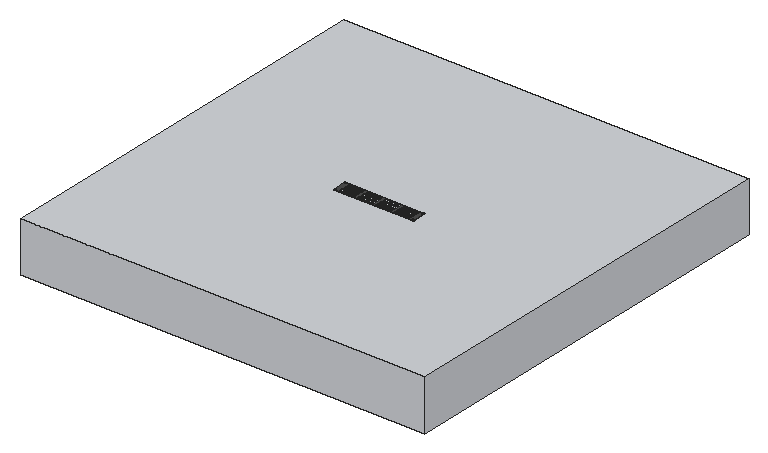
Revit family
Parameters (values of type "Patch Panel-Siemon-MX-PNL-72")
  Weight = 0.90 lbf
  Version = ""
  U/M = "EA"
  U Space = "2"
  System = "ALL OTHER"
  Serial Number = "MX-PNL-72"
  Segment = "FIBER"
  Product Page URL = ""
  Product Documentation Link = ""
  Ports = 72
  Model = "MAX PATCH PANEL"
  Metal = Metal-Siemon-Annodized-Aluminum
  Manufacturer = "SIEMON"
  Loaded/Empty = "N/A"
  Item Group = "PATCH PANELS"
  Item Class = "GG"
  Description = "72 PORT MAX PATCH PANEL 2RMS"
  Default Elevation = 1219.2 mm
  Color = "BLACK"
  Assembly Code = ""
Reference planes
  plane 1 "Center (Front/Back)": y = 0
  plane 2: z = 0
  plane 3 "Center (Left/Right)": x = 0
  plane 4: y = 6.2
  plane 5: y = -82.4
  plane 6: x = -241.3
  plane 7: x = 241.3
  plane 8: z = 1.56
  plane 9: x = -209.5
  plane 10: x = 209.6
  plane 11: x = -122.1
  plane 12: x = -98.9
  plane 13: x = -11.5
  plane 14: x = 11.7
  plane 15: x = 99.1
  plane 16: x = 122.3
  plane 17: y = -55.9
  plane 18: y = -75.2
  plane 19: x = -232.8
  plane 20: x = -236.35
  plane 21: x = 232.8
  plane 22: x = 236.35
  plane 23: x = -165.8
  plane 24: y = -65.55
  plane 25: x = -55.2
  plane 26: x = 55.4
  plane 27: x = 166
  plane 28: y = -48.5
  plane 29: y = -29.2
  plane 30: y = -38.85
  plane 31: y = -21.8
  plane 32: y = -2.5
  plane 33: y = -12.15
Forms (mm)
  Extrusion 1, solid
    sketch origin (0, 0, 0) x (1, 0, 0) y (0, 1, 0)
      loop
        line (-1219.2, 1219.2) -> (-1219.2, -1219.2) -> (1219.2, -1219.2) -> (1219.2, 1219.2) -> (-1219.2, 1219.2)
    from 0 to -304.8
  Extrusion 2, solid, material "Metal-Siemon-Annodized-Aluminum" <- "Metal", detail levels medium+fine
    sketch origin (0, 0, 0) x (1, 0, 0) y (0, 1, 0)
      loop
        line (-241.3, 6.2) -> (-241.3, -82.4) -> (241.3, -82.4) -> (241.3, 6.2) -> (-241.3, 6.2)
      loop
        line (-209.5, -55.9) -> (-209.5, -75.2) -> (-122.1, -75.2) -> (-122.1, -55.9) -> (-209.5, -55.9)
      loop
        line (-98.9, -55.9) -> (-98.9, -75.2) -> (-11.5, -75.2) -> (-11.5, -55.9) -> (-98.9, -55.9)
      loop
        line (11.7, -55.9) -> (11.7, -75.2) -> (99.1, -75.2) -> (99.1, -55.9) -> (11.7, -55.9)
      loop
        line (122.3, -55.9) -> (122.3, -75.2) -> (209.6, -75.2) -> (209.6, -55.9) -> (122.3, -55.9)
      loop
        circle (-232.8, 0) r 3.55
      loop
        circle (-232.8, -76.2) r 3.55
      loop
        circle (232.8, 0) r 3.55
      loop
        circle (232.8, -76.2) r 3.55
      loop
        line (-209.5, -29.2) -> (-209.5, -48.5) -> (-122.1, -48.5) -> (-122.1, -29.2) -> (-209.5, -29.2)
      loop
        line (-209.5, -2.5) -> (-209.5, -21.8) -> (-122.1, -21.8) -> (-122.1, -2.5) -> (-209.5, -2.5)
      loop
        line (-98.9, -2.5) -> (-98.9, -21.8) -> (-11.5, -21.8) -> (-11.5, -2.5) -> (-98.9, -2.5)
      loop
        line (-98.9, -29.2) -> (-98.9, -48.5) -> (-11.5, -48.5) -> (-11.5, -29.2) -> (-98.9, -29.2)
      loop
        line (11.7, -2.5) -> (11.7, -21.8) -> (99.1, -21.8) -> (99.1, -2.5) -> (11.7, -2.5)
      loop
        line (11.7, -29.2) -> (11.7, -48.5) -> (99.1, -48.5) -> (99.1, -29.2) -> (11.7, -29.2)
      loop
        line (122.3, -48.5) -> (209.6, -48.5) -> (209.6, -29.2) -> (122.3, -29.2) -> (122.3, -48.5)
      loop
        line (209.6, -21.8) -> (209.6, -2.5) -> (122.3, -2.5) -> (122.3, -21.8) -> (209.6, -21.8)
    from 0 to 1.56
  Extrusion 3, solid, detail levels coarse
    sketch origin (0, 0, 0) x (1, 0, 0) y (0, 1, 0)
      loop
        line (-241.3, 6.2) -> (-241.3, -82.4) -> (241.3, -82.4) -> (241.3, 6.2) -> (-241.3, 6.2)
    from 0 to 1.56
Lines and regions (mm)
  Masking region 1
    outline origin (0, 0, 0) x (1, 0, 0) y (0, 1, 0)
      loop
        line (-241.3, 6.2) -> (-241.3, -82.4) -> (241.3, -82.4) -> (241.3, 6.2) -> (-241.3, 6.2)
  Masking region 2
    outline origin (0, 0, 0) x (1, 0, 0) y (0, 0, 1)
      loop
        line (241.3, 0) -> (241.3, 1.56) -> (-241.3, 1.56) -> (-241.3, 0) -> (241.3, 0)
  Masking region 3
    outline origin (0, 0, 0) x (0, 1, 0) y (0, 0, 1)
      loop
        line (6.2, 1.56) -> (-82.4, 1.56) -> (-82.4, 0) -> (6.2, 0) -> (6.2, 1.56)
  symbolic lines, detail levels medium+fine
    curve 1: line (-209.5, -55.9, 0) -> (-122.1, -55.9, 0)
    curve 2: line (-209.5, -75.2, 0) -> (-209.5, -55.9, 0)
    curve 3: line (-122.1, -75.2, 0) -> (-209.5, -75.2, 0)
    curve 4: line (-122.1, -55.9, 0) -> (-122.1, -75.2, 0)
    curve 5: line (-98.9, -55.9, 0) -> (-11.5, -55.9, 0)
    curve 6: line (-98.9, -75.2, 0) -> (-98.9, -55.9, 0)
    curve 7: line (-11.5, -75.2, 0) -> (-98.9, -75.2, 0)
    curve 8: line (-11.5, -55.9, 0) -> (-11.5, -75.2, 0)
    curve 9: line (11.7, -55.9, 0) -> (99.1, -55.9, 0)
    curve 10: line (11.7, -75.2, 0) -> (11.7, -55.9, 0)
    curve 11: line (99.1, -75.2, 0) -> (11.7, -75.2, 0)
    curve 12: line (99.1, -55.9, 0) -> (99.1, -75.2, 0)
    curve 13: line (122.3, -55.9, 0) -> (209.6, -55.9, 0)
    curve 14: line (122.3, -75.2, 0) -> (122.3, -55.9, 0)
    curve 15: line (209.6, -75.2, 0) -> (122.3, -75.2, 0)
    curve 16: line (209.6, -55.9, 0) -> (209.6, -75.2, 0)
    curve 23: line (-209.5, -29.2, 0) -> (-122.1, -29.2, 0)
    curve 24: line (-209.5, -48.5, 0) -> (-209.5, -29.2, 0)
    curve 25: line (-122.1, -48.5, 0) -> (-209.5, -48.5, 0)
    curve 26: line (-122.1, -29.2, 0) -> (-122.1, -48.5, 0)
    curve 27: line (-98.9, -48.5, 0) -> (-11.5, -48.5, 0)
    curve 28: line (-98.9, -29.2, 0) -> (-98.9, -48.5, 0)
    curve 29: line (-11.5, -29.2, 0) -> (-98.9, -29.2, 0)
    curve 30: line (-11.5, -48.5, 0) -> (-11.5, -29.2, 0)
    curve 31: line (11.7, -48.5, 0) -> (99.1, -48.5, 0)
    curve 32: line (11.7, -29.2, 0) -> (11.7, -48.5, 0)
    curve 33: line (99.1, -29.2, 0) -> (11.7, -29.2, 0)
    curve 34: line (99.1, -48.5, 0) -> (99.1, -29.2, 0)
    curve 35: line (122.3, -48.5, 0) -> (209.6, -48.5, 0)
    curve 36: line (122.3, -29.2, 0) -> (122.3, -48.5, 0)
    curve 37: line (209.6, -29.2, 0) -> (122.3, -29.2, 0)
    curve 38: line (209.6, -48.5, 0) -> (209.6, -29.2, 0)
    curve 41: line (-209.5, -2.5, 0) -> (-122.1, -2.5, 0)
    curve 42: line (-209.5, -21.8, 0) -> (-209.5, -2.5, 0)
    curve 43: line (-122.1, -21.8, 0) -> (-209.5, -21.8, 0)
    curve 44: line (-122.1, -2.5, 0) -> (-122.1, -21.8, 0)
    curve 45: line (-98.9, -2.5, 0) -> (-11.5, -2.5, 0)
    curve 46: line (-98.9, -21.8, 0) -> (-98.9, -2.5, 0)
    curve 47: line (-11.5, -21.8, 0) -> (-98.9, -21.8, 0)
    curve 48: line (-11.5, -2.5, 0) -> (-11.5, -21.8, 0)
    curve 49: line (11.7, -2.5, 0) -> (99.1, -2.5, 0)
    curve 50: line (11.7, -21.8, 0) -> (11.7, -2.5, 0)
    curve 51: line (99.1, -21.8, 0) -> (11.7, -21.8, 0)
    curve 52: line (99.1, -2.5, 0) -> (99.1, -21.8, 0)
    curve 53: line (122.3, -2.5, 0) -> (209.7, -2.5, 0)
    curve 54: line (122.3, -21.8, 0) -> (122.3, -2.5, 0)
    curve 55: line (209.7, -21.8, 0) -> (122.3, -21.8, 0)
    curve 56: line (209.7, -2.5, 0) -> (209.7, -21.8, 0)
  symbolic lines, detail levels fine
    curve 17: circle (-232.8, 0, 0) r 3.55 normal (0, 0, 1)
    curve 19: circle (-232.8, -76.2, 0) r 3.55 normal (0, 0, -1)
    curve 21: circle (232.8, 0, 0) r 3.55 normal (0, 0, -1)
    curve 22: circle (232.8, -76.2, 0) r 3.55 normal (0, 0, -1)
  reference lines
    curve 18: arc (-236.35, 0, 0) -> (-235.31, 2.51, 0) -> (-232.8, 3.55, 0) r 3.55
    curve 20: arc (236.35, 0, 0) -> (235.31, 2.51, 0) -> (232.8, 3.55, 0) r 3.55
    curve 39: arc (-236.35, -76.2, 0) -> (-235.31, -78.71, 0) -> (-232.8, -79.75, 0) r 3.55
    curve 40: arc (236.35, -76.2, 0) -> (235.31, -78.71, 0) -> (232.8, -79.75, 0) r 3.55
Dimensions and locks
  locked: plane 1 "Center (Front/Back)" to plane 4 at 6.2
  locked: plane 4 to plane 5 at 88.6
  locked: plane 6 to plane 3 "Center (Left/Right)" at 241.3
  locked: plane 6 to plane 7 at 482.6
  plane 8 to plane 2 = 1.56 mm
  plane 6 to plane 9 to plane 11 to plane 12 to plane 13 to plane 14 to plane 15 to plane 16 to plane 10 = 31.8 mm locked, 87.4 mm locked, 23.2 mm locked, 87.4 mm locked, 23.2 mm locked, 87.4 mm locked, 23.2 mm locked, 87.3 mm locked
  locked: plane 8 to level at 1.56
  locked: plane 9 to plane 23 at 43.7
  locked: plane 17 to plane 24 at 9.65
  locked: plane 12 to plane 25 at 43.7
  locked: plane 14 to plane 26 at 43.7
  locked: plane 16 to plane 27 at 43.7
  plane 17 to plane 18 to plane 5 = 19.3 mm locked, 7.2 mm locked
  locked: plane 32 to plane 33 at 9.65
  locked: plane 29 to plane 30 at 9.65
  aligned and locked: plane 2 to Extrusion 1
  aligned and locked: level to Extrusion 1
  aligned and locked: Extrusion 2 to plane 4
  aligned and locked: Extrusion 2 to plane 5
  aligned and locked: Extrusion 2 to plane 6
  aligned and locked: plane 7 to Extrusion 2
  aligned and locked: Extrusion 2 to level
  aligned and locked: Extrusion 2 to plane 8
  aligned and locked: Extrusion 2 sketch curve to plane 10  (x2)
  aligned and locked: plane 16 to Extrusion 2 sketch curve  (x2)
  aligned and locked: Extrusion 2 sketch curve to plane 15  (x3)
  aligned and locked: plane 14 to Extrusion 2 sketch curve  (x3)
  aligned and locked: Extrusion 2 sketch curve to plane 13  (x3)
  aligned and locked: plane 12 to Extrusion 2 sketch curve  (x3)
  aligned and locked: Extrusion 2 sketch curve to plane 11  (x3)
  aligned and locked: plane 9 to Extrusion 2 sketch curve  (x3)
  aligned and locked: Extrusion 2 sketch curve to plane 17  (x4)
  aligned and locked: plane 18 to Extrusion 2 sketch curve  (x4)
  aligned and locked: plane 6 to Extrusion 3 sketch curve
  aligned and locked: plane 5 to Extrusion 3 sketch curve
  aligned and locked: Extrusion 3 sketch curve to plane 7
  aligned and locked: Extrusion 3 sketch curve to plane 4
  aligned and locked: Extrusion 3 to plane 2
  aligned and locked: plane 8 to Extrusion 3
  aligned and locked: plane 6 to Masking region 1 sketch curve
  aligned and locked: Masking region 1 sketch curve to plane 4
  aligned and locked: plane 5 to Masking region 1 sketch curve
  aligned and locked: Masking region 1 sketch curve to plane 7
  aligned and locked: plane 16 to curve 14
  aligned and locked: curve 16 to plane 10
  aligned and locked: curve 13 to plane 17
  aligned and locked: plane 18 to curve 15
  aligned and locked: curve 9 to plane 17
  aligned and locked: plane 18 to curve 11
  aligned and locked: curve 5 to plane 17
  aligned and locked: plane 18 to Extrusion 2  (x2)
  aligned and locked: curve 1 to plane 17
  aligned and locked: plane 18 to curve 3
  aligned and locked: plane 9 to curve 2
  aligned and locked: curve 4 to plane 11
  aligned and locked: plane 12 to curve 6
  aligned and locked: curve 8 to plane 13
  aligned and locked: plane 14 to curve 10
  aligned and locked: curve 12 to plane 15
  aligned and locked: plane 16 to Extrusion 2
  aligned and locked: Extrusion 2 to plane 10
  aligned and locked: Extrusion 2 to plane 17
  aligned and locked: plane 1 "Center (Front/Back)" to curve 18
  aligned and locked: plane 19 to curve 18
  aligned and locked: curve 17 to curve 18
  aligned and locked: plane 20 to curve 18
  aligned and locked: plane 21 to curve 20
  aligned and locked: plane 22 to curve 20
  aligned and locked: curve 21 to curve 20
  aligned and locked: Masking region 2 sketch curve to Extrusion 1
  aligned and locked: plane 8 to Masking region 2 sketch curve
  aligned and locked: plane 7 to Masking region 2 sketch curve
  aligned and locked: Masking region 2 sketch curve to plane 6
  aligned and locked: Masking region 3 sketch curve to plane 8
  aligned and locked: Extrusion 1 to Masking region 3 sketch curve
  aligned and locked: plane 5 to Masking region 3 sketch curve
  aligned and locked: Masking region 3 sketch curve to plane 4
  aligned and locked: Extrusion 2 sketch curve to curve 17
  aligned and locked: Extrusion 2 sketch curve to curve 19
  aligned and locked: Extrusion 2 sketch curve to curve 21
  aligned and locked: Extrusion 2 sketch curve to curve 22
  aligned and locked: plane 8 to nested 1
  aligned and locked: nested 1 to plane 23
  aligned: plane 24 to nested 1
  aligned: plane 24 to nested 2
  aligned: plane 24 to nested 3
  aligned: plane 24 to nested 4
  aligned and locked: nested 2 to plane 25
  aligned and locked: nested 3 to plane 26
  aligned and locked: nested 4 to plane 27
  aligned and locked: plane 18 to curve 7
  aligned and locked: curve 36 to plane 16
  aligned and locked: plane 10 to curve 38
  aligned and locked: curve 34 to plane 15
  aligned and locked: plane 14 to curve 32
  aligned and locked: plane 12 to curve 28
  aligned and locked: curve 30 to plane 13
  aligned and locked: curve 26 to plane 11
  aligned and locked: plane 9 to curve 24
  aligned and locked: curve 22 to curve 40
  aligned and locked: curve 19 to curve 39
  aligned and locked: nested 1 to nested 2
  aligned and locked: nested 2 to nested 3
  aligned and locked: nested 3 to nested 4
  aligned and locked: nested 8 to plane 23
  aligned: plane 24 to nested 8
  aligned and locked: nested 8 to nested 7
  aligned and locked: nested 7 to nested 6
  aligned and locked: nested 6 to nested 5
  aligned and locked: nested 5 to plane 27
  aligned and locked: nested 6 to plane 26
  aligned and locked: nested 7 to plane 25
  aligned and locked: plane 28 to curve 25
  aligned and locked: curve 23 to plane 29
  aligned: plane 30 to nested 1
  aligned and locked: plane 33 to nested 1
  aligned and locked: plane 30 to nested 8
  aligned and locked: plane 29 to curve 29
  aligned and locked: curve 27 to plane 28
  aligned and locked: plane 29 to curve 33
  aligned and locked: curve 31 to plane 28
  aligned and locked: curve 35 to plane 28
  aligned and locked: Extrusion 2 sketch curve to plane 32  (x4)
  aligned and locked: plane 31 to Extrusion 2 sketch curve  (x4)
  aligned and locked: plane 10 to Extrusion 2 sketch curve
  aligned and locked: Extrusion 2 sketch curve to plane 28
  aligned and locked: plane 29 to Extrusion 2 sketch curve
  aligned and locked: Extrusion 2 sketch curve to plane 16
  aligned and locked: Extrusion 2 sketch curve to plane 29  (x3)
  aligned and locked: plane 28 to Extrusion 2 sketch curve  (x3)
  aligned and locked: nested 12 to nested 11
  aligned and locked: nested 11 to nested 10
  aligned and locked: nested 10 to nested 9
  aligned and locked: plane 24 to nested 12
  aligned and locked: nested 12 to nested 10
  aligned and locked: nested 11 to plane 25
  aligned and locked: nested 10 to plane 26
  aligned and locked: nested 9 to plane 27
  aligned and locked: nested 12 to plane 23
Nested families
  nested 1: "DataPorts" at (-165.8, -12.15, -8.44), type "DataPorts"
  nested 2: "DataPorts" at (-55.2, -12.15, -8.44), type "DataPorts"
  nested 3: "DataPorts" at (55.4, -12.15, -8.44), type "DataPorts"
  nested 4: "DataPorts" at (166, -12.15, -8.44), type "DataPorts"
  nested 5: "DataPorts" at (166, -38.85, -8.44), type "DataPorts"
  nested 6: "DataPorts" at (55.4, -38.85, -8.44), type "DataPorts"
  nested 7: "DataPorts" at (-55.2, -38.85, -8.44), type "DataPorts"
  nested 8: "DataPorts" at (-165.8, -38.85, -8.44), type "DataPorts"
  nested 9: "DataPorts" at (166, -65.55, -8.44), type "DataPorts"
  nested 10: "DataPorts" at (55.4, -65.55, -8.44), type "DataPorts"
  nested 11: "DataPorts" at (-55.2, -65.55, -8.44), type "DataPorts"
  nested 12: "DataPorts" at (-165.8, -65.55, -8.44), type "DataPorts"
Connectors
  electrical at (-201.842, -12.155, -8.44)
    settings: on nested 1, index 1
  electrical at (-187.429, -12.155, -8.44)
    settings: on nested 1, index 2
  electrical at (-173.016, -12.155, -8.44)
    settings: on nested 1, index 3
  electrical at (-158.604, -12.155, -8.44)
    settings: on nested 1, index 4
  electrical at (-144.191, -12.155, -8.44)
    settings: on nested 1, index 5
  electrical at (-129.778, -12.155, -8.44)
    settings: on nested 1, index 6
  electrical at (-91.242, -12.155, -8.44)
    settings: on nested 2, index 7
  electrical at (-76.829, -12.155, -8.44)
    settings: on nested 2, index 8
  electrical at (-62.416, -12.155, -8.44)
    settings: on nested 2, index 9
  electrical at (-48.004, -12.155, -8.44)
    settings: on nested 2, index 10
  electrical at (-33.591, -12.155, -8.44)
    settings: on nested 2, index 11
  electrical at (-19.178, -12.155, -8.44)
    settings: on nested 2, index 12
  electrical at (19.358, -12.155, -8.44)
    settings: on nested 3, index 13
  electrical at (33.771, -12.155, -8.44)
    settings: on nested 3, index 14
  electrical at (48.184, -12.155, -8.44)
    settings: on nested 3, index 15
  electrical at (62.596, -12.155, -8.44)
    settings: on nested 3, index 16
  electrical at (77.009, -12.155, -8.44)
    settings: on nested 3, index 17
  electrical at (91.422, -12.155, -8.44)
    settings: on nested 3, index 18
  electrical at (129.958, -12.155, -8.44)
    settings: on nested 4, index 19
  electrical at (144.371, -12.155, -8.44)
    settings: on nested 4, index 20
  electrical at (158.784, -12.155, -8.44)
    settings: on nested 4, index 21
  electrical at (173.196, -12.155, -8.44)
    settings: on nested 4, index 22
  electrical at (187.609, -12.155, -8.44)
    settings: on nested 4, index 23
  electrical at (202.022, -12.155, -8.44)
    settings: on nested 4, index 24
  electrical at (-201.842, -38.855, -8.44)
    settings: on nested 8, index 25
  electrical at (-187.429, -38.855, -8.44)
    settings: on nested 8, index 26
  electrical at (-173.016, -38.855, -8.44)
    settings: on nested 8, index 27
  electrical at (-158.604, -38.855, -8.44)
    settings: on nested 8, index 28
  electrical at (-144.191, -38.855, -8.44)
    settings: on nested 8, index 29
  electrical at (-129.778, -38.855, -8.44)
    settings: on nested 8, index 30
  electrical at (-91.242, -38.855, -8.44)
    settings: on nested 7, index 31
  electrical at (-76.829, -38.855, -8.44)
    settings: on nested 7, index 32
  electrical at (-62.416, -38.855, -8.44)
    settings: on nested 7, index 33
  electrical at (-48.004, -38.855, -8.44)
    settings: on nested 7, index 34
  electrical at (-33.591, -38.855, -8.44)
    settings: on nested 7, index 35
  electrical at (-19.178, -38.855, -8.44)
    settings: on nested 7, index 36
  electrical at (19.358, -38.855, -8.44)
    settings: on nested 6, index 37
  electrical at (33.771, -38.855, -8.44)
    settings: on nested 6, index 38
  electrical at (48.184, -38.855, -8.44)
    settings: on nested 6, index 39
  electrical at (62.596, -38.855, -8.44)
    settings: on nested 6, index 40
  electrical at (77.009, -38.855, -8.44)
    settings: on nested 6, index 41
  electrical at (91.422, -38.855, -8.44)
    settings: on nested 6, index 42
  electrical at (129.958, -38.855, -8.44)
    settings: on nested 5, index 43
  electrical at (144.371, -38.855, -8.44)
    settings: on nested 5, index 44
  electrical at (158.784, -38.855, -8.44)
    settings: on nested 5, index 45
  electrical at (173.196, -38.855, -8.44)
    settings: on nested 5, index 46
  electrical at (187.609, -38.855, -8.44)
    settings: on nested 5, index 47
  electrical at (202.022, -38.855, -8.44)
    settings: on nested 5, index 48
  electrical at (-201.842, -65.555, -8.44)
    settings: on nested 12, index 49
  electrical at (-187.429, -65.555, -8.44)
    settings: on nested 12, index 50
  electrical at (-173.016, -65.555, -8.44)
    settings: on nested 12, index 51
  electrical at (-158.604, -65.555, -8.44)
    settings: on nested 12, index 52
  electrical at (-144.191, -65.555, -8.44)
    settings: on nested 12, index 53
  electrical at (-129.778, -65.555, -8.44)
    settings: on nested 12, index 54
  electrical at (-91.242, -65.555, -8.44)
    settings: on nested 11, index 55
  electrical at (-76.829, -65.555, -8.44)
    settings: on nested 11, index 56
  electrical at (-62.416, -65.555, -8.44)
    settings: on nested 11, index 57
  electrical at (-48.004, -65.555, -8.44)
    settings: on nested 11, index 58
  electrical at (-33.591, -65.555, -8.44)
    settings: on nested 11, index 59
  electrical at (-19.178, -65.555, -8.44)
    settings: on nested 11, index 60
  electrical at (19.358, -65.555, -8.44)
    settings: on nested 10, index 61
  electrical at (33.771, -65.555, -8.44)
    settings: on nested 10, index 62
  electrical at (48.184, -65.555, -8.44)
    settings: on nested 10, index 63
  electrical at (62.596, -65.555, -8.44)
    settings: on nested 10, index 64
  electrical at (77.009, -65.555, -8.44)
    settings: on nested 10, index 65
  electrical at (91.422, -65.555, -8.44)
    settings: on nested 10, index 66
  electrical at (129.958, -65.555, -8.44)
    settings: on nested 9, index 67
  electrical at (144.371, -65.555, -8.44)
    settings: on nested 9, index 68
  electrical at (158.784, -65.555, -8.44)
    settings: on nested 9, index 69
  electrical at (173.196, -65.555, -8.44)
    settings: on nested 9, index 70
  electrical at (187.609, -65.555, -8.44)
    settings: on nested 9, index 71
  electrical at (202.022, -65.555, -8.44)
    settings: on nested 9, index 72
Definition of nested family "DataPorts"
  Parameters (values of type "DataPorts")
    Weight = "0.7 kgs (1.5 lbs)"
    UL Rating = "UL 1863"
    U Space / Capacity = "1U"
    Text1 = none
    Text = none
    Part Number = "HD5-24"
    Material = Metal-Siemon-Annodized-Aluminum
    Manufacturer Contact Info / Website = "www.siemon.com"
    Manufacturer = "Siemon"
    Dimensions (H x W x D) = "44.5mm x 483mm x 25mm\r\n(1.75 in. x 19.0 in. x 1.4 in.)"
    Description = "24-port Category 5e Copper Patch Panel"
    Clearance = "50mm (2.0 in.) Front and Rear"
    Assembly Code = ""
  Reference planes
    plane 1 "Center (Front/Back)": y = 0
    plane 2: z = 0
    plane 3 "Center (Left/Right)": x = 0
  Forms (mm)
    Extrusion 1, solid, material "Black Anodized Aluminum", detail levels fine
      sketch origin (-44.118, -25.304, 0) x (1, 0, 0) y (0, 1, 0)
        loop
          line (2.212, 17.018) -> (13.941, 17.018)
          arc (13.941, 17.018) -> (14.821, 17.382) -> (15.185, 18.262) r 1.244
          line (15.185, 18.262) -> (15.185, 32.336)
          arc (15.185, 32.336) -> (14.821, 33.215) -> (13.941, 33.579) r 1.244
          line (13.941, 33.579) -> (2.212, 33.579)
          arc (2.212, 33.579) -> (1.332, 33.215) -> (0.968, 32.336) r 1.244
          line (0.968, 32.336) -> (0.968, 18.262)
          arc (0.968, 18.262) -> (1.332, 17.382) -> (2.212, 17.018) r 1.244
        loop
          line (1.697, 28.29) -> (1.697, 19.582) -> (6.494, 19.582) -> (6.494, 17.474) -> (9.66, 17.474) -> (9.66, 19.582) -> (14.456, 19.582) -> (14.456, 28.29) -> (1.697, 28.29)
        loop
          line (16.625, 17.018) -> (28.354, 17.018)
          arc (28.354, 17.018) -> (29.234, 17.382) -> (29.598, 18.262) r 1.244
          line (29.598, 18.262) -> (29.598, 32.336)
          arc (29.598, 32.336) -> (29.234, 33.215) -> (28.354, 33.579) r 1.244
          line (28.354, 33.579) -> (16.625, 33.579)
          arc (16.625, 33.579) -> (15.745, 33.215) -> (15.381, 32.336) r 1.244
          line (15.381, 32.336) -> (15.381, 18.262)
          arc (15.381, 18.262) -> (15.745, 17.382) -> (16.625, 17.018) r 1.244
        loop
          line (16.11, 28.29) -> (16.11, 19.582) -> (20.906, 19.582) -> (20.906, 17.474) -> (24.072, 17.474) -> (24.072, 19.582) -> (28.869, 19.582) -> (28.869, 28.29) -> (16.11, 28.29)
        loop
          line (31.037, 17.018) -> (42.767, 17.018)
          arc (42.767, 17.018) -> (43.646, 17.382) -> (44.011, 18.262) r 1.244
          line (44.011, 18.262) -> (44.011, 32.336)
          arc (44.011, 32.336) -> (43.646, 33.215) -> (42.767, 33.579) r 1.244
          line (42.767, 33.579) -> (31.037, 33.579)
          arc (31.037, 33.579) -> (30.158, 33.215) -> (29.794, 32.336) r 1.244
          line (29.794, 32.336) -> (29.794, 18.262)
          arc (29.794, 18.262) -> (30.158, 17.382) -> (31.037, 17.018) r 1.244
        loop
          line (30.522, 28.29) -> (30.522, 19.582) -> (35.319, 19.582) -> (35.319, 17.474) -> (38.485, 17.474) -> (38.485, 19.582) -> (43.282, 19.582) -> (43.282, 28.29) -> (30.522, 28.29)
        loop
          line (45.45, 17.018) -> (57.18, 17.018)
          arc (57.18, 17.018) -> (58.059, 17.382) -> (58.423, 18.262) r 1.244
          line (58.423, 18.262) -> (58.423, 32.336)
          arc (58.423, 32.336) -> (58.059, 33.215) -> (57.18, 33.579) r 1.244
          line (57.18, 33.579) -> (45.45, 33.579)
          arc (45.45, 33.579) -> (44.571, 33.215) -> (44.206, 32.336) r 1.244
          line (44.206, 32.336) -> (44.206, 18.262)
          arc (44.206, 18.262) -> (44.571, 17.382) -> (45.45, 17.018) r 1.244
        loop
          line (44.935, 28.29) -> (44.935, 19.582) -> (49.732, 19.582) -> (49.732, 17.474) -> (52.898, 17.474) -> (52.898, 19.582) -> (57.695, 19.582) -> (57.695, 28.29) -> (44.935, 28.29)
        loop
          line (59.863, 17.018) -> (71.592, 17.018)
          arc (71.592, 17.018) -> (72.472, 17.382) -> (72.836, 18.262) r 1.244
          line (72.836, 18.262) -> (72.836, 32.336)
          arc (72.836, 32.336) -> (72.472, 33.215) -> (71.592, 33.579) r 1.244
          line (71.592, 33.579) -> (59.863, 33.579)
          arc (59.863, 33.579) -> (58.983, 33.215) -> (58.619, 32.336) r 1.244
          line (58.619, 32.336) -> (58.619, 18.262)
          arc (58.619, 18.262) -> (58.983, 17.382) -> (59.863, 17.018) r 1.244
        loop
          line (59.348, 28.29) -> (59.348, 19.582) -> (64.145, 19.582) -> (64.145, 17.474) -> (67.311, 17.474) -> (67.311, 19.582) -> (72.107, 19.582) -> (72.107, 28.29) -> (59.348, 28.29)
        loop
          line (74.276, 17.018) -> (86.005, 17.018)
          arc (86.005, 17.018) -> (86.885, 17.382) -> (87.249, 18.262) r 1.244
          line (87.249, 18.262) -> (87.249, 32.336)
          arc (87.249, 32.336) -> (86.885, 33.215) -> (86.005, 33.579) r 1.244
          line (86.005, 33.579) -> (74.276, 33.579)
          arc (74.276, 33.579) -> (73.396, 33.215) -> (73.032, 32.336) r 1.244
          line (73.032, 32.336) -> (73.032, 18.262)
          arc (73.032, 18.262) -> (73.396, 17.382) -> (74.276, 17.018) r 1.244
        loop
          line (73.761, 28.29) -> (73.761, 19.582) -> (78.557, 19.582) -> (78.557, 17.474) -> (81.723, 17.474) -> (81.723, 19.582) -> (86.52, 19.582) -> (86.52, 28.29) -> (73.761, 28.29)
      from 0 to 10
  Lines and regions (mm)
    symbolic lines, detail levels fine
      curve 1: line (-43.15, 7.032, 0) -> (-43.15, -7.042, 0)
      curve 2: arc (-41.907, 8.276, 0) -> (-42.786, 7.911, 0) -> (-43.15, 7.032, 0) r 1.244
      curve 3: line (-30.177, 8.276, 0) -> (-41.907, 8.276, 0)
      curve 4: arc (-28.933, 7.032, 0) -> (-29.298, 7.911, 0) -> (-30.177, 8.276, 0) r 1.244
      curve 5: line (-28.933, -7.042, 0) -> (-28.933, 7.032, 0)
      curve 6: arc (-30.177, -8.286, 0) -> (-29.298, -7.921, 0) -> (-28.933, -7.042, 0) r 1.244
      curve 7: line (-41.907, -8.286, 0) -> (-30.177, -8.286, 0)
      curve 8: arc (-43.15, -7.042, 0) -> (-42.786, -7.921, 0) -> (-41.907, -8.286, 0) r 1.244
      curve 9: line (-37.625, -5.722, 0) -> (-42.422, -5.722, 0)
      curve 10: line (-37.625, -7.829, 0) -> (-37.625, -5.722, 0)
      curve 11: line (-34.459, -7.829, 0) -> (-37.625, -7.829, 0)
      curve 12: line (-34.459, -5.722, 0) -> (-34.459, -7.829, 0)
      curve 13: line (-29.662, -5.722, 0) -> (-34.459, -5.722, 0)
      curve 14: line (-29.662, 2.986, 0) -> (-29.662, -5.722, 0)
      curve 15: line (-42.422, 2.986, 0) -> (-29.662, 2.986, 0)
      curve 16: line (-42.422, -5.722, 0) -> (-42.422, 2.986, 0)
      curve 17: line (-28.738, 7.032, 0) -> (-28.738, -7.042, 0)
      curve 18: arc (-27.494, 8.276, 0) -> (-28.373, 7.911, 0) -> (-28.738, 7.032, 0) r 1.244
      curve 19: line (-15.764, 8.276, 0) -> (-27.494, 8.276, 0)
      curve 20: arc (-14.521, 7.032, 0) -> (-14.885, 7.911, 0) -> (-15.764, 8.276, 0) r 1.244
      curve 21: line (-14.521, -7.042, 0) -> (-14.521, 7.032, 0)
      curve 22: arc (-15.764, -8.286, 0) -> (-14.885, -7.921, 0) -> (-14.521, -7.042, 0) r 1.244
      curve 23: line (-27.494, -8.286, 0) -> (-15.764, -8.286, 0)
      curve 24: arc (-28.738, -7.042, 0) -> (-28.373, -7.921, 0) -> (-27.494, -8.286, 0) r 1.244
      curve 25: line (-23.212, -5.722, 0) -> (-28.009, -5.722, 0)
      curve 26: line (-23.212, -7.829, 0) -> (-23.212, -5.722, 0)
      curve 27: line (-20.046, -7.829, 0) -> (-23.212, -7.829, 0)
      curve 28: line (-20.046, -5.722, 0) -> (-20.046, -7.829, 0)
      curve 29: line (-15.249, -5.722, 0) -> (-20.046, -5.722, 0)
      curve 30: line (-15.249, 2.986, 0) -> (-15.249, -5.722, 0)
      curve 31: line (-28.009, 2.986, 0) -> (-15.249, 2.986, 0)
      curve 32: line (-28.009, -5.722, 0) -> (-28.009, 2.986, 0)
      curve 33: line (-14.325, 7.032, 0) -> (-14.325, -7.042, 0)
      curve 34: arc (-13.081, 8.276, 0) -> (-13.961, 7.911, 0) -> (-14.325, 7.032, 0) r 1.244
      curve 35: line (-1.352, 8.276, 0) -> (-13.081, 8.276, 0)
      curve 36: arc (-0.108, 7.032, 0) -> (-0.472, 7.911, 0) -> (-1.352, 8.276, 0) r 1.244
      curve 37: line (-0.108, -7.042, 0) -> (-0.108, 7.032, 0)
      curve 38: arc (-1.352, -8.286, 0) -> (-0.472, -7.921, 0) -> (-0.108, -7.042, 0) r 1.244
      curve 39: line (-13.081, -8.286, 0) -> (-1.352, -8.286, 0)
      curve 40: arc (-14.325, -7.042, 0) -> (-13.961, -7.921, 0) -> (-13.081, -8.286, 0) r 1.244
      curve 41: line (-8.799, -5.722, 0) -> (-13.596, -5.722, 0)
      curve 42: line (-8.799, -7.829, 0) -> (-8.799, -5.722, 0)
      curve 43: line (-5.633, -7.829, 0) -> (-8.799, -7.829, 0)
      curve 44: line (-5.633, -5.722, 0) -> (-5.633, -7.829, 0)
      curve 45: line (-0.837, -5.722, 0) -> (-5.633, -5.722, 0)
      curve 46: line (-0.837, 2.986, 0) -> (-0.837, -5.722, 0)
      curve 47: line (-13.596, 2.986, 0) -> (-0.837, 2.986, 0)
      curve 48: line (-13.596, -5.722, 0) -> (-13.596, 2.986, 0)
      curve 49: line (0.088, 7.032, 0) -> (0.088, -7.042, 0)
      curve 50: arc (1.332, 8.276, 0) -> (0.452, 7.911, 0) -> (0.088, 7.032, 0) r 1.244
      curve 51: line (13.061, 8.276, 0) -> (1.332, 8.276, 0)
      curve 52: arc (14.305, 7.032, 0) -> (13.941, 7.911, 0) -> (13.061, 8.276, 0) r 1.244
      curve 53: line (14.305, -7.042, 0) -> (14.305, 7.032, 0)
      curve 54: arc (13.061, -8.286, 0) -> (13.941, -7.921, 0) -> (14.305, -7.042, 0) r 1.244
      curve 55: line (1.332, -8.286, 0) -> (13.061, -8.286, 0)
      curve 56: arc (0.088, -7.042, 0) -> (0.452, -7.921, 0) -> (1.332, -8.286, 0) r 1.244
      curve 57: line (5.613, -5.722, 0) -> (0.817, -5.722, 0)
      curve 58: line (5.613, -7.829, 0) -> (5.613, -5.722, 0)
      curve 59: line (8.779, -7.829, 0) -> (5.613, -7.829, 0)
      curve 60: line (8.779, -5.722, 0) -> (8.779, -7.829, 0)
      curve 61: line (13.576, -5.722, 0) -> (8.779, -5.722, 0)
      curve 62: line (13.576, 2.986, 0) -> (13.576, -5.722, 0)
      curve 63: line (0.817, 2.986, 0) -> (13.576, 2.986, 0)
      curve 64: line (0.817, -5.722, 0) -> (0.817, 2.986, 0)
      curve 65: line (14.501, 7.032, 0) -> (14.501, -7.042, 0)
      curve 66: arc (15.744, 8.276, 0) -> (14.865, 7.911, 0) -> (14.501, 7.032, 0) r 1.244
      curve 67: line (27.474, 8.276, 0) -> (15.744, 8.276, 0)
      curve 68: arc (28.718, 7.032, 0) -> (28.353, 7.911, 0) -> (27.474, 8.276, 0) r 1.244
      curve 69: line (28.718, -7.042, 0) -> (28.718, 7.032, 0)
      curve 70: arc (27.474, -8.286, 0) -> (28.353, -7.921, 0) -> (28.718, -7.042, 0) r 1.244
      curve 71: line (15.744, -8.286, 0) -> (27.474, -8.286, 0)
      curve 72: arc (14.501, -7.042, 0) -> (14.865, -7.921, 0) -> (15.744, -8.286, 0) r 1.244
      curve 73: line (20.026, -5.722, 0) -> (15.229, -5.722, 0)
      curve 74: line (20.026, -7.829, 0) -> (20.026, -5.722, 0)
      curve 75: line (23.192, -7.829, 0) -> (20.026, -7.829, 0)
      curve 76: line (23.192, -5.722, 0) -> (23.192, -7.829, 0)
      curve 77: line (27.989, -5.722, 0) -> (23.192, -5.722, 0)
      curve 78: line (27.989, 2.986, 0) -> (27.989, -5.722, 0)
      curve 79: line (15.229, 2.986, 0) -> (27.989, 2.986, 0)
      curve 80: line (15.229, -5.722, 0) -> (15.229, 2.986, 0)
      curve 81: line (28.913, 7.032, 0) -> (28.913, -7.042, 0)
      curve 82: arc (30.157, 8.276, 0) -> (29.278, 7.911, 0) -> (28.913, 7.032, 0) r 1.244
      curve 83: line (41.887, 8.276, 0) -> (30.157, 8.276, 0)
      curve 84: arc (43.13, 7.032, 0) -> (42.766, 7.911, 0) -> (41.887, 8.276, 0) r 1.244
      curve 85: line (43.13, -7.042, 0) -> (43.13, 7.032, 0)
      curve 86: arc (41.887, -8.286, 0) -> (42.766, -7.921, 0) -> (43.13, -7.042, 0) r 1.244
      curve 87: line (30.157, -8.286, 0) -> (41.887, -8.286, 0)
      curve 88: arc (28.913, -7.042, 0) -> (29.278, -7.921, 0) -> (30.157, -8.286, 0) r 1.244
      curve 89: line (34.439, -5.722, 0) -> (29.642, -5.722, 0)
      curve 90: line (34.439, -7.829, 0) -> (34.439, -5.722, 0)
      curve 91: line (37.605, -7.829, 0) -> (34.439, -7.829, 0)
      curve 92: line (37.605, -5.722, 0) -> (37.605, -7.829, 0)
      curve 93: line (42.402, -5.722, 0) -> (37.605, -5.722, 0)
      curve 94: line (42.402, 2.986, 0) -> (42.402, -5.722, 0)
      curve 95: line (29.642, 2.986, 0) -> (42.402, 2.986, 0)
      curve 96: line (29.642, -5.722, 0) -> (29.642, 2.986, 0)
  Dimensions and locks
    aligned and locked: curve 1 to Extrusion 1
    aligned and locked: curve 2 to Extrusion 1
    aligned and locked: curve 3 to Extrusion 1
    aligned and locked: curve 4 to Extrusion 1
    aligned and locked: curve 5 to Extrusion 1
    aligned and locked: curve 6 to Extrusion 1
    aligned and locked: curve 7 to Extrusion 1
    aligned and locked: curve 8 to Extrusion 1
    aligned and locked: curve 9 to Extrusion 1
    aligned and locked: curve 10 to Extrusion 1
    aligned and locked: curve 11 to Extrusion 1
    aligned and locked: curve 12 to Extrusion 1
    aligned and locked: curve 13 to Extrusion 1
    aligned and locked: curve 14 to Extrusion 1
    aligned and locked: curve 15 to Extrusion 1
    aligned and locked: curve 16 to Extrusion 1
